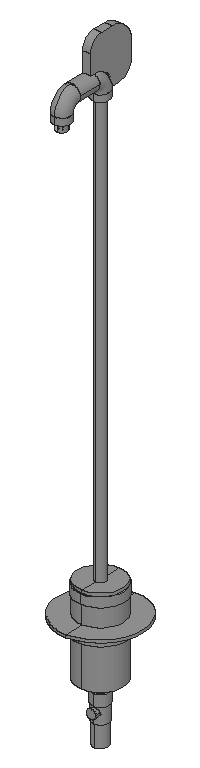
Revit family "MHY-58", category Plumbing Fixtures, host Face, Revit 2026
Family settings
  Host = Face
  Round Connector Dimension = Use Diameter
  Part Type = Normal
  Classification Number = 23.45.55.21
  Enable Cutting in Views = No
  Cut with Voids When Loaded = No
  Maintain Annotation Orientation = No
  Shared = No
  Room Calculation Point = No
Parameters
  WFU = 0
  URL = "www.mifab.com"
  Model = "MHY-58"
  Manufacturer = "MIFAB"
  Hydrant Material = Iron, Casting
  Description = "Roof Hydrant"
  Default Elevation = 0.000"
Reference planes (in)
  plane 1 "Center (Front/Back)": y = 0
  plane 2: z = 0
  plane 3 "Center (Left/Right)": x = 0
Forms (in)
  Revolve 1, solid, material "Iron, Casting" <- "Hydrant Material"
    sketch origin (0, 0, -150.125) x (0, 1, 0) y (0, 0, 1)
      loop
        line (-2.5, 150.125) -> (-2.5, 149) -> (-2.13317, 149) -> (-2.13317, 145) -> (-0.5, 145) -> (-0.5, 139.5) -> (-0.00817, 139.5) -> (-0.00817, 193.5) -> (-0.5, 193.5) -> (-0.5, 153.25) -> (-2.13317, 153.25) -> (-2.13317, 153) -> (-2.26271, 153) -> (-2.26271, 152.125) -> (-2.13317, 152.125) -> (-2.13317, 150.375) -> (-4, 150.375) -> (-4, 150.125) -> (-2.5, 150.125)
      axis (-0.00817, 193.5) -> (-0.00817, 139.5)
    angle from 0 to 360
  Revolve 2, solid, material "Iron, Casting" <- "Hydrant Material"
    sketch origin (0, 0, -150.125) x (0, 1, 0) y (0, 0, 1)
      loop
        line (0, 144) -> (-0.812, 144) -> (-0.812, 143.002) -> (-0.749, 143.002) -> (-0.749, 141.5038) -> (-0.687, 141.5038) -> (-0.687, 139.5) -> (0, 139.5) -> (0, 144)
      axis (0, 139.5) -> (0, 144)
    angle from 0 to 360
  Extrusion 3, solid, material "Iron, Casting" <- "Hydrant Material"
    sketch origin (0, 0, -150.125) x (1, 0, 0) y (0, 0, 1)
      loop
        circle (0, 142.4437) r 0.4214
    from 0 to 1.0669
  Revolve 4, solid, material "Iron, Casting" <- "Hydrant Material"
    sketch origin (0, 0, -150.125) x (0, 1, 0) y (0, 0, 1)
      loop
        line (-0.8125, 194.125) -> (-0.8125, 193.5) -> (0, 193.5) -> (0, 194.125) -> (-0.8125, 194.125)
      axis (0, 193.5) -> (0, 194.125)
    angle from 0 to 360
  Sweep 5, solid, material "Iron, Casting" <- "Hydrant Material"
    path origin (0, 0, -150.125) x (0, 1, 0) y (0, 0, 1)
      loop
        arc (0, 194.125) -> (-0.3295, 194.9205) -> (-1.125, 195.25) r 1.125
    profile origin (0, -0.3295, 44.7955) x (0, -0.707107, -0.707107) y (1, 0, 0)
      loop
        circle (0, 0) r 0.8125
  Revolve 6, solid, material "Iron, Casting" <- "Hydrant Material", detail levels fine
    sketch origin (0, -4.5, -150.125) x (0, -1, 0) y (0, 0, 1)
      loop
        line (-0.8125, 194.125) -> (-0.8125, 193.5) -> (0, 193.5) -> (0, 194.125) -> (-0.8125, 194.125)
      axis (0, 193.5) -> (0, 194.125)
    angle from 0 to 360
  Sweep 7, solid, material "Iron, Casting" <- "Hydrant Material", detail levels fine
    path origin (0, -4.5, -150.125) x (0, -1, 0) y (0, 0, 1)
      loop
        arc (0, 194.125) -> (-0.3295, 194.9205) -> (-1.125, 195.25) r 1.125
    profile origin (0, -4.1705, 44.7955) x (0, -0.707107, 0.707107) y (1, 0, 0)
      loop
        circle (0, 0) r 0.8125
  Revolve 8, solid, material "Iron, Casting" <- "Hydrant Material", detail levels fine
    sketch origin (0, 0, -150.125) x (0, 1, 0) y (0, 0, 1)
      loop
        line (-4.5, 193.5) -> (-4.5, 192.75) -> (-4, 192.75) -> (-4, 193.5) -> (-4.5, 193.5)
      axis (-4.5, 193.5) -> (-4.5, 192.75)
    angle from 0 to 360
  Extrusion 9, solid, material "Iron, Casting" <- "Hydrant Material", detail levels fine
    sketch origin (0, 0, -150.125) x (0, 1, 0) y (0, 0, 1)
      loop
        line (0.8125, 194.125) -> (1.6875, 194.125)
        arc (1.6875, 194.125) -> (2.65977, 194.52773) -> (3.0625, 195.5) r 1.375
        line (3.0625, 195.5) -> (3.0625, 197)
        arc (3.0625, 197) -> (2.4401, 198.5026) -> (0.9375, 199.125) r 2.125
        line (0.9375, 199.125) -> (-0.3125, 199.125)
        arc (-0.3125, 199.125) -> (-1.19638, 198.75888) -> (-1.5625, 197.875) r 1.25
        line (-1.5625, 197.875) -> (-1.5625, 196.0625) -> (-1.125, 196.0625)
        arc (-1.125, 196.0625) -> (0.24502, 195.49502) -> (0.8125, 194.125) r 1.9375
    from -0.375 to 0.375
  Extrusion 10, solid, material "Iron, Casting" <- "Hydrant Material", detail levels fine
    sketch origin (-0.83979, 0, 0) x (1, 0, 0) y (0, 0, 1)
      loop
        circle (0.83979, 45.125) r 0.8125
    from 1.125 to 3.375
  Extrusion 11, solid
    sketch origin (-8.22916, -180, -5.7) x (-1, 0, 0) y (0, -1, 0)
      loop
        circle (-8.22916, -175.5) r 0.5
    from 48.325 to 49.075
Cuts and joins
  joined: Extrusion 9, Extrusion 10
  joined: Revolve 1, Revolve 4, Sweep 5
  joined: Revolve 6, Sweep 7
Lines and regions (in)
  symbolic lines, style "PlumbingFixtures"
    curve 1: line (-3.38528, 1.0625, 0) -> (0.86472, 1.0625, 0)
    curve 2: line (-3.38528, -1.4375, 0) -> (-3.38528, 1.0625, 0)
    curve 3: line (0.86472, -1.4375, 0) -> (-3.38528, -1.4375, 0)
    curve 4: line (0.86472, 1.0625, 0) -> (0.86472, -1.4375, 0)
Dimensions and locks (in)
  curve 2 to curve 4 = 4.250"  (x2)
  curve 4 to curve 2 = 4.250"
  Revolve 1 sketch curve to Revolve 1 sketch curve = 2.49183"
  locked: Revolve 1 sketch curve to Revolve 1 sketch curve at 0.25
  locked: Revolve 1 sketch curve to Revolve 1 sketch curve at 2.125
  locked: Revolve 2 sketch curve to Revolve 2 sketch curve at 0.812
  locked: Revolve 2 sketch curve to Revolve 2 sketch curve at 0.998
  locked: Revolve 2 sketch curve to Revolve 2 sketch curve at 1.4982
  locked: Revolve 2 sketch curve to Revolve 2 sketch curve at 0.749
  locked: Revolve 2 sketch curve to Revolve 2 sketch curve at 0.687
  locked: Revolve 2 sketch curve to Revolve 1 at 10.625
  locked: Revolve 2 to Extrusion 3 sketch curve at 0.5583
  locked: Revolve 1 sketch curve to Revolve 1 sketch curve at 40.25
  locked: Revolve 4 sketch curve to Revolve 4 sketch curve at 0.8125
  locked: Revolve 4 sketch curve to Revolve 4 sketch curve at 0.625
  locked: Sweep 5 sketch curve to profile plane
  locked: profile plane to Sweep 5 sketch curve
  locked: Revolve 6 sketch curve to Revolve 6 sketch curve at 0.8125
  locked: Revolve 6 sketch curve to Revolve 6 sketch curve at 0.625
  locked: Sweep 7 sketch curve to profile plane
  locked: profile plane to Sweep 7 sketch curve
  locked: Revolve 8 sketch curve to Revolve 8 sketch curve at 0.5
  locked: Revolve 6 to Revolve 8 sketch curve at 0.75
  Extrusion 9 sketch curve to Extrusion 9 sketch curve = 0.875"
  Extrusion 9 sketch curve to Extrusion 9 sketch curve to Extrusion 9 sketch curve to Extrusion 9 sketch curve to Extrusion 9 sketch curve to Extrusion 9 sketch curve = 0.4375" locked, 0.8125" locked, 1.250" locked, 0.750" locked, 1.375" locked
  Extrusion 9 sketch curve to Extrusion 9 sketch curve to Extrusion 9 sketch curve to Extrusion 9 sketch curve to Extrusion 9 sketch curve to Extrusion 9 sketch curve = 0.000" locked, 1.375" locked, 1.500" locked, 0.875" locked, 1.250"
  locked: Extrusion 9 to Extrusion 9 at 0.75
  Extrusion 9 to Extrusion 9 = 0.750"
  aligned and locked: plane 2 to host face
  aligned and locked: level to host face
  aligned and locked: Revolve 6 to Sweep 7 sketch curve
  aligned and locked: Revolve 8 sketch curve to Revolve 6
  aligned and locked: Revolve 8 sketch curve to Revolve 8 sketch curve  (x2)
  aligned and locked: Revolve 4 to Extrusion 9 sketch curve
  aligned and locked: Extrusion 9 sketch curve to Sweep 5
  aligned and locked: Extrusion 10 to Sweep 7
  aligned and locked: Extrusion 10 to Sweep 5
  aligned and locked: Extrusion 11 sketch curve to Revolve 8  (x2)
  aligned and locked: Extrusion 11 to Revolve 8  (x2)
Connectors (in)
  piping at (0, 0, -10.625), diameter 1
    settings: on Revolve 2, index 1, connector inside diameter 1", connector length 0.000", flow factor 0, pipe flow 0 GPM, pressure drop 0.00 psi, fitting loss kfactor 0, connector angle 0.00°, fixture units 0, engagement length 0.000", angle of deflection 0.00°, flow configuration 0, flow direction 0, fitting loss method 0, system type 7, joint type 0, gender type 0, connector reference index -1, connector utility 0, adjustable connector no, is connector primary yes, connector description ""
  piping at (0, -4.5, 42.625), diameter 0.75
    settings: on Extrusion 11, index 2, connector inside diameter 3/4", connector length 0.000", flow factor 0, pipe flow 0 GPM, pressure drop 0.00 psi, fitting loss kfactor 0, connector angle 0.00°, fixture units 0, engagement length 0.000", angle of deflection 0.00°, flow configuration 0, flow direction 0, fitting loss method 0, system type 7, joint type 0, gender type 0, connector reference index -1, connector utility 0, adjustable connector no, is connector primary no, connector description "Male Hose"
